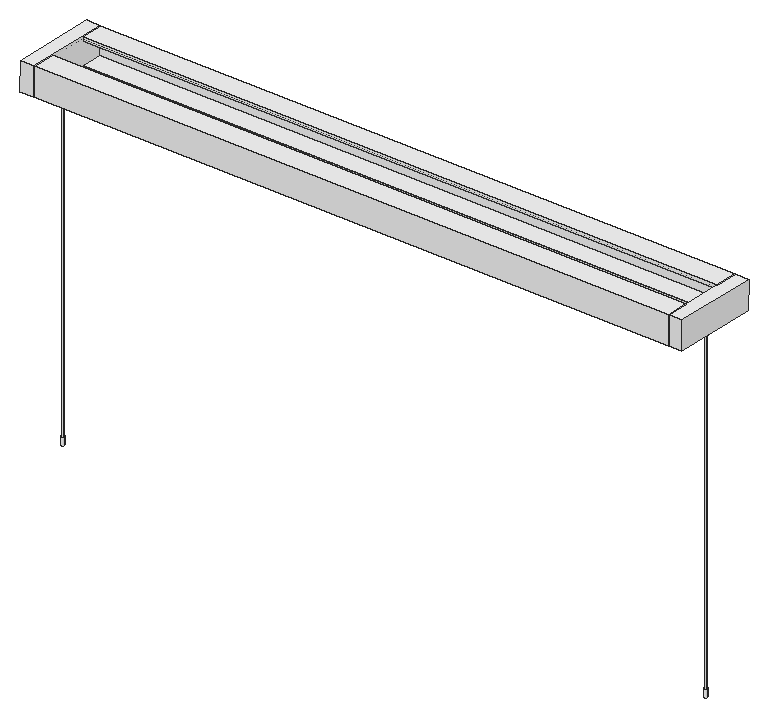
Revit family "SAE104", category Lighting Fixtures, host Face, Revit 2013
Parameters (values of type "SAE104-4")
  Wattage = 9.2903 W
  Warranty = "5-Years Warranty"
  built-in parameter 1150110 = 1 (stored number, unit not read)
  Voltage = 120 V
  built-in parameter 1114217 = 1 (stored number, unit not read)
  Tilt Angle = -90.00°
  built-in parameter 1150109 = 1 (stored number, unit not read)
  built-in parameter 1150134 = 3
  built-in parameter 1150113 = 1 (stored number, unit not read)
  Power Factor = 1
  Photometric Web Link = "https://www.hubbell.com/litecontrol/en/Products/Lighting-Controls/Commercial-Indoor-Lighting/Pendant-Lighting/SAE-Family/p/2580969"
  Photometric Web File = "generic"
  Photometric Notes = "More IES files download on Photometric Web Link"  # constant formula
  Pendant Height [instance] = 2' - 0"
  built-in parameter 1150142 = (empty or 0)
  zz Length 1 = 4' - 0"
  Wattage Comments = "Up to 137 lumens/watt efficacy"  # constant formula
  URL = "http://www.litecontrol.com/"
  Product Page URL = "https://www.hubbell.com/litecontrol/en/Products/Lighting-Controls/Commercial-Indoor-Lighting/Pendant-Lighting/SAE-Family/p/2580969"
  Model = "SAE104"  # constant formula
  Manufacturer = "Litecontrol Lighting"  # constant formula
  built-in parameter 1150105 = 109.82 (stored number, unit not read)
  Lumens = 1380 lm
  built-in parameter 1150115 = 1 (stored number, unit not read)
  Load Classification = Lighting
  built-in parameter 1150137 = (empty or 0)
  built-in parameter 1150139 = (empty or 0)
  built-in parameter 1150112 = 1 (stored number, unit not read)
  built-in parameter 1150114 = 1 (stored number, unit not read)
  Lamp = "LED's"  # constant formula
  built-in parameter 1150132 = (empty or 0)
  built-in parameter 1150102 = (empty or 0)
  built-in parameter 1150107 = 3200 (stored number, unit not read)
  built-in parameter 1150138 = (empty or 0)
  built-in parameter 1150106 = 1.0982 (stored number, unit not read)
  Glass = Hubbell - White Glass
  Emit from Rectangle Width = 0' - 4"  # constant formula
  Emit from Rectangle Length = zz Length 1 - 0' 2"  # 3' - 10"
  Emit Shape Visible in Rendering = no
  built-in parameter 1150104 = 13.8 (stored number, unit not read)
  Dimming Lamp Color Temperature Shift = <None>
  Description = "Linear Pendant Indirect/Direct"  # constant formula
  Default Elevation = 4' - 0"
  Contact Us = "https://www.hubbell.com/litecontrol/en/contactUs"
  Color Filter = 16777215
  built-in parameter 1114218 = 1 (stored number, unit not read)
  Housing Material = Paint - Hubbell - Matte White
  built-in parameter 1150133 = 10 (stored number, unit not read)
  Assembly Code = "D5020200"
  Apparent Load = 0 VA
Types (3): name | zz Length 1 | Emit from Rectangle Length
  (no name) | 4' - 0" | 3' - 10"
  SAE104-4 | 4' - 0" | 3' - 10"
  SAE104-8 | 8' - 0" | 7' - 10"
Reference planes (in)
  plane 1 "Center (Front/Back)": y = 13.01342
  plane 2: z = 0
  plane 3 "Center (Left/Right)": x = 0
  plane 4: z = 24
  plane 5: x = -24
  plane 6: x = 24
  plane 7: x = -23.3125
  plane 8: x = 23.3125
  plane 9: z = 23.5
  plane 10: z = 0.5
  plane 11: z = 25
Forms (in)
  Revolve 1, solid, material "Paint - Hubbell - Matte White" <- "Housing Material"
    sketch origin (-5.75, 13.01342, 0) x (-1, 0, 0) y (0, 0, 1)
      loop
        line (-29.0625, 24) -> (-29.0625, 0) -> (-28.9375, 0) -> (-28.9375, 0.5) -> (-29, 0.5) -> (-29, 23.5) -> (-28.9375, 23.5) -> (-28.9375, 24) -> (-29.0625, 24)
      axis (-29.0625, 24) -> (-29.0625, 0)
    angle from 0 to 360
  Revolve 2, solid, material "Paint - Hubbell - Matte White" <- "Housing Material"
    sketch origin (5.75, 13.01342, 0) x (1, 0, 0) y (0, 0, 1)
      loop
        line (-29.0625, 24) -> (-29.0625, 0) -> (-28.9375, 0) -> (-28.9375, 0.5) -> (-29, 0.5) -> (-29, 23.5) -> (-28.9375, 23.5) -> (-28.9375, 24) -> (-29.0625, 24)
      axis (-29.0625, 24) -> (-29.0625, 0)
    angle from 0 to 360
Dimensions and locks (in)
  "Pendant Height": plane 4 to level
  equal spacing: plane 6, plane 3 "Center (Left/Right)", plane 5
  "zz Length 1": plane 6 to plane 5
  locked: plane 4 to plane 9 at 0.5
  locked: plane 10 to plane 2 at 0.5
  locked: plane 7 to plane 5 at 0.6875
  locked: plane 6 to plane 8 at 0.6875
  locked: plane 11 to plane 4 at 1
  aligned and locked: plane 2 to host face
  aligned and locked: level to host face
  aligned and locked: Revolve 1 sketch curve to Revolve 1 sketch curve
  aligned and locked: Revolve 1 sketch curve to plane 8
  aligned and locked: plane 4 to Revolve 1 sketch curve
  aligned and locked: Revolve 1 sketch curve to level
  aligned and locked: plane 3 "Center (Left/Right)" to nested 1
  aligned and locked: plane 1 "Center (Front/Back)" to nested 1
  aligned and locked: Revolve 2 sketch curve to Revolve 2 sketch curve
  aligned and locked: plane 9 to Revolve 2
  aligned and locked: plane 10 to Revolve 2
  aligned and locked: Revolve 1 to plane 9
  aligned and locked: Revolve 1 to plane 10
  aligned and locked: plane 3 "Center (Left/Right)" to imposter light
  aligned and locked: plane 11 to imposter light
Automatic sketch dimensions
  host sketch curve to host sketch curve = 8' - 0"  (x2)
  plane 8 to Revolve 1 sketch curve = 0' - 0 1/16"
  Revolve 1 sketch curve to level = 0' - 0 1/2"
  Revolve 1 sketch curve to Revolve 1 sketch curve = 0' - 0 1/16"  (x2)
  plane 4 to Revolve 1 sketch curve = 0' - 0 1/2"
  Revolve 1 sketch curve to Revolve 1 sketch curve = 0' - 0.66777"
  Revolve 1 sketch curve to Revolve 1 sketch curve = 0' - 9.83778"
  Revolve 2 sketch curve to plane 4 = 0' - 0"
  Revolve 2 sketch curve to plane 7 = 0' - 0"
  Revolve 2 sketch curve to level = 0' - 0"
  plane 7 to Revolve 2 sketch curve = 0' - 0 1/16"
  level to Revolve 2 sketch curve = 0' - 0 1/2"
  Revolve 2 sketch curve to Revolve 2 sketch curve = 0' - 0 1/16"  (x2)
  Revolve 2 sketch curve to plane 4 = 0' - 0 1/2"
  Revolve 2 sketch curve to Revolve 2 sketch curve = 0' - 0.66777"
  Revolve 2 sketch curve to Revolve 2 sketch curve = 0' - 9.83778"
Nested families (in)
  nested 1: "104" at (-0.01104, 12.97343, 24), Glass <- "Glass", Backbox <- "Housing Material", Length <- "zz Length 1", type "104"
    with Length 4' - 0", Glass Hubbell - White Glass, Backbox Paint - Hubbell - Matte White
Connectors (in)
  electrical at (0, 10.82592, 24), driven by "Voltage", driven by "Load Classification", driven by "Apparent Load", driven by "Power Factor"
    settings: on nested 1, index 1, voltage 120 V, apparent load 0 VA, apparent load phase1 0 VA, apparent load phase2 0 VA, apparent load phase3 0 VA, power factor 1, load classification "Lighting", number of poles 1, system type 30, power factor state 1, is connector primary yes, connector utility no, sub classification motor no, connector description "Lighting Connector"
Definition of nested family "104"
  Parameters (values of type "L12  Light")
    Wattage Comments = ""
    URL = ""
    Model = ""
    Manufacturer = ""
    Length [instance] = 4' - 0"
    Lamp = ""
    Glass [instance] = none
    Description = ""
    Default Elevation = 4' - 0"
    Backbox [instance] = none
    Apparent Load = 0 VA
  Reference planes (in)
    plane 1 "Center (Front/Back)": y = 0.03999
    plane 2: z = 0
    plane 3 "Center (Left/Right)": x = 0.01104
    plane 4: y = 8.13374
    plane 5: y = -8.05376
    plane 6: z = 2
    plane 7: z = 1.875
    plane 8: x = -23.98896
    plane 9: x = 24.01104
    plane 10: x = -22.98896
    plane 11: x = 23.01104
    plane 12: y = 1.41499
    plane 13: y = -1.33501
    plane 14: z = 0.125
    plane 15: y = -2.96001
    plane 16: y = 3.03999
    plane 17: z = 1.75
    plane 18: y = 2.91499
    plane 19: y = -2.83501
  Forms (in)
    Extrusion 1, solid
      sketch origin (0, 0, 0.06357) x (1, 0, 0) y (0, 1, 0)
        loop
          line (-48, 48) -> (-48, -48) -> (48, -48) -> (48, 48) -> (-48, 48)
      from -0.06357 to -12.81105
    Extrusion 2, solid, material <- "Backbox"
      sketch origin (23.01104, -180, 29.46954) x (0, 0, 1) y (0, -1, 0)
        loop
          line (-27.46954, -183.03999) -> (-27.46954, -177.03999) -> (-29.46954, -177.03999) -> (-29.46954, -183.03999) -> (-27.46954, -183.03999)
      from 0 to 1
    Extrusion 3, solid, material <- "Backbox"
      sketch origin (-22.98896, -180, 28.85133) x (0, 0, 1) y (0, -1, 0)
        loop
          line (-26.85133, -183.03999) -> (-26.85133, -177.03999) -> (-28.85133, -177.03999) -> (-28.85133, -183.03999) -> (-26.85133, -183.03999)
      from 0 to -1
    Extrusion 4, solid, material <- "Glass"
      sketch origin (-23.78896, 8.13374, 2) x (0, -1, 0) y (1, 0, 0)
        loop
          line (6.71875, 0.8) -> (9.46875, 0.8) -> (9.46875, 46.8) -> (6.71875, 46.8) -> (6.71875, 0.8)
      from -0.125 to -1.875
    Extrusion 5, solid, material <- "Backbox"
      sketch origin (0.01104, 0, 0) x (0, 1, 0) y (0, 0, 1)
        loop
          line (3.03999, 2) -> (1.41499, 2) -> (1.41499, 1.75) -> (2.91499, 1.75) -> (2.91499, 0.125) -> (1.41499, 0.125) -> (1.41499, 0) -> (3.03999, 0) -> (3.03999, 2)
        loop
          line (-2.96001, 0) -> (-1.33501, 0) -> (-1.33501, 0.125) -> (-2.83501, 0.125) -> (-2.83501, 1.75) -> (-1.33501, 1.75) -> (-1.33501, 2) -> (-2.96001, 2) -> (-2.96001, 0)
      from -23 to 23
  Cuts and joins
    joined: Extrusion 2, Extrusion 3
  Dimensions and locks (in)
    locked: plane 6 to Extrusion 1 at 2
    locked: plane 6 to plane 7 at 0.125
    "Length": plane 9 to plane 8
    locked: plane 10 to plane 8 at 1
    locked: plane 9 to plane 11 at 1
    equal spacing: plane 9, plane 3 "Center (Left/Right)", plane 8
    locked: plane 14 to Extrusion 1 at 0.125
    locked: plane 12 to plane 13 at 2.75
    equal spacing: plane 12, plane 1 "Center (Front/Back)", plane 13
    plane 16 to plane 1 "Center (Front/Back)" to plane 15 = 0' - 3" locked, 0' - 3" locked
    locked: plane 7 to plane 17 at 0.125
    locked: plane 16 to plane 18 at 0.125
    locked: plane 19 to plane 15 at 0.125
    aligned and locked: plane 2 to Extrusion 1
    aligned and locked: plane 9 to cut or joined group of Extrusion 2, Extrusion 3
    aligned and locked: cut or joined group of Extrusion 2, Extrusion 3 to plane 8
    aligned and locked: Extrusion 5 to plane 10
    aligned and locked: plane 11 to Extrusion 5
    aligned and locked: plane 12 to Extrusion 4 sketch curve
    aligned and locked: plane 13 to Extrusion 4 sketch curve
    aligned and locked: Extrusion 3 to Extrusion 4
    aligned and locked: Extrusion 2 to Extrusion 4
    aligned and locked: Extrusion 2 to plane 11
    aligned and locked: plane 6 to Extrusion 5 sketch curve
    aligned and locked: plane 16 to Extrusion 5 sketch curve
    aligned and locked: Extrusion 5 sketch curve to level
    aligned and locked: Extrusion 5 sketch curve to plane 15
    aligned and locked: Extrusion 5 sketch curve to plane 17  (x2)
    aligned and locked: plane 14 to Extrusion 5 sketch curve
    aligned and locked: plane 7 to Extrusion 4
    aligned and locked: plane 19 to Extrusion 5
    aligned and locked: plane 18 to Extrusion 5
    aligned and locked: Extrusion 3 sketch curve to Extrusion 5  (x2)
    aligned and locked: Extrusion 3 sketch curve to plane 15
    aligned and locked: Extrusion 3 to level
    aligned and locked: Extrusion 2 sketch curve to cut or joined group of Extrusion 2, Extrusion 3  (x4)
    aligned and locked: plane 10 to Extrusion 3
    aligned and locked: Extrusion 5 sketch curve to plane 12
    aligned and locked: plane 13 to Extrusion 5 sketch curve
    aligned and locked: Extrusion 4 to Extrusion 5
  Automatic sketch dimensions
    Extrusion 1 sketch curve to Extrusion 1 sketch curve = 8' - 0"  (x2)
    plane 10 to Extrusion 4 sketch curve = 0' - 0"
    Extrusion 4 sketch curve to plane 11 = 0' - 0"
    Extrusion 3 sketch curve to level = 0' - 0"
    Extrusion 5 sketch curve to plane 19 = 0' - 0"
    Extrusion 5 sketch curve to plane 13 = 0' - 0"
    Extrusion 5 sketch curve to plane 12 = 0' - 0"
    Extrusion 5 sketch curve to plane 18 = 0' - 0"
    Extrusion 5 sketch curve to plane 6 = 0' - 0"
    Extrusion 5 sketch curve to level = 0' - 0"
    Extrusion 5 sketch curve to plane 14 = 0' - 0"
